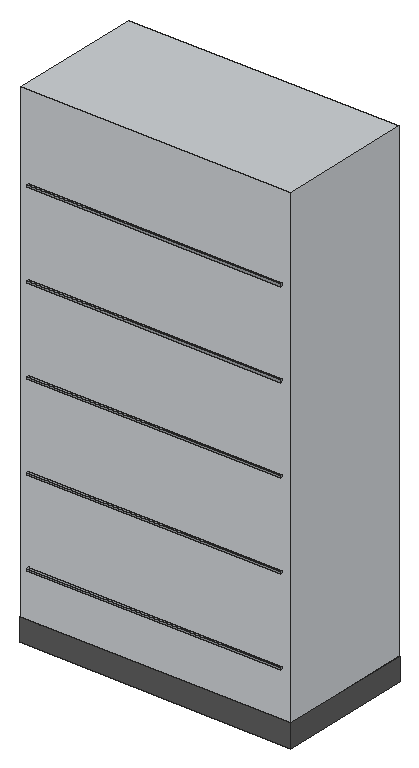
Revit family "EQ_MCC Section", category Electrical Equipment, Revit 2025
Family settings
  Panel Configuration = Two Columns, Circuits Across
  Round Connector Dimension = Use Diameter
  Part Type = Panelboard
  OmniClass Number = 23.80.30.11.17
  OmniClass Title = Distribution Boards and Control Panels
  Work Plane-Based = No
  Always vertical = Yes
  Cut with Voids When Loaded = No
  Maintain Annotation Orientation = No
  Shared = No
  Room Calculation Point = No
Parameters (values of type "MCC Section 400V")
  built-in parameter 1140142 [instance] = -1
  built-in parameter 1140140 [instance] = 1 (stored number, unit not read)
  built-in parameter 1155100 [instance] = -1
  EL Voltage [instance] = 400 V
  EL Number of Poles [instance] = 3
  Default Elevation = 0 mm
Reference planes
  plane 1 "Center (Front/Back)": y = 0
  plane 2: z = 0
  plane 3 "Center (Left/Right)": x = 0
Forms (mm)
  Extrusion 1, solid, material "Plinth Black"
    sketch origin (0, 0, 0) x (1, 0, 0) y (0, 1, 0)
      loop
        line (-600, -300) -> (600, -300) -> (600, 300) -> (-600, 300) -> (-600, -300)
    from 0 to 100
  Extrusion 2, solid, material "MCC Grey"
    sketch origin (0, 0, 100) x (1, 0, 0) y (0, 1, 0)
      loop
        line (-597, -300) -> (597, -300) -> (597, 300) -> (-597, 300) -> (-597, -300)
    from 0 to 2100
  Extrusion 3, solid, material "MCC Bucket Line"
    sketch origin (0, 0, 300) x (1, 0, 0) y (0, 1, 0)
      loop
        line (-560, -310) -> (560, -310) -> (560, -300) -> (-560, -300) -> (-560, -310)
    from 0 to 10
  Extrusion 4, solid, material "MCC Bucket Line"
    sketch origin (0, 0, 680) x (1, 0, 0) y (0, 1, 0)
      loop
        line (-560, -310) -> (560, -310) -> (560, -300) -> (-560, -300) -> (-560, -310)
    from 0 to 10
  Extrusion 5, solid, material "MCC Bucket Line"
    sketch origin (0, 0, 1060) x (1, 0, 0) y (0, 1, 0)
      loop
        line (-560, -310) -> (560, -310) -> (560, -300) -> (-560, -300) -> (-560, -310)
    from 0 to 10
  Extrusion 6, solid, material "MCC Bucket Line"
    sketch origin (0, 0, 1440) x (1, 0, 0) y (0, 1, 0)
      loop
        line (-560, -310) -> (560, -310) -> (560, -300) -> (-560, -300) -> (-560, -310)
    from 0 to 10
  Extrusion 7, solid, material "MCC Bucket Line"
    sketch origin (0, 0, 1820) x (1, 0, 0) y (0, 1, 0)
      loop
        line (-560, -310) -> (560, -310) -> (560, -300) -> (-560, -300) -> (-560, -310)
    from 0 to 10
Dimensions and locks
  aligned and locked: level to plane 2
Connectors
  electrical at (0, 0, 2200), driven by "EL Voltage", driven by "EL Number of Poles"
    settings: on Extrusion 2, index 1, voltage 400 V, apparent load 0 VA, apparent load phase1 0 VA, apparent load phase2 0 VA, apparent load phase3 0 VA, power factor 1, load classification "Other", number of poles 3, system type 30, power factor state 1, is connector primary yes, connector utility no, sub classification motor no, connector description ""
